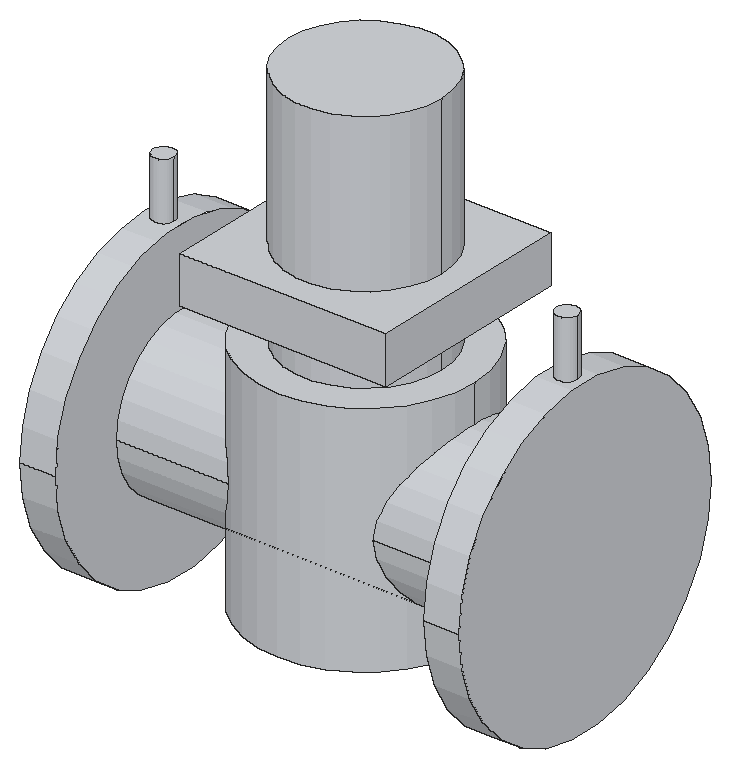
Revit family "PV_Compact_PN16_DN050_(50-200kPa)_RFA_2019", category Pipe Accessories, Revit 2019
Family settings
  Round Connector Dimension = Use Diameter
  Part Type = Valve - Breaks Into
  Work Plane-Based = No
  Always vertical = Yes
  Cut with Voids When Loaded = No
  Shared = No
Parameters (values of type "PV Compact PN16 DN050 (50-200kPa)")
  magiProductId = "81e9f5a937864fb894d80a4a75c60c"
  magiProductFamilyId = "c8b2eac19a98445b953ec5ab518664"
  magiPartTypeId = 304
  isMeasuringValve [instance] = no
  ang2D [instance] = 0.00°
  W2D = 50 mm
  VersionID = "2.0/2018.12.13.2/FRESE_PV_COMPACT_BIG_Q13_001"
  Use Minimum Symbol Size [instance] = no
  URL = "www.hydronic.cz"
  Type Comments = "PŘÍRUBOVÝ; PN16; dpmax=1000kPa; -10~+120°C"
  R4 = 40.25 mm
  R3 = 42.9 mm
  R1 = 57.5 mm
  QmdConnectorList = "301;D;302;D"
  Productdata [instance] = ""
  Manufacturer = "Hydronic Systems Prague s.r.o."
  Maintenance Zone Under Depth [instance] = 100 mm
  Maintenance Zone Right Depth [instance] = 100 mm
  Maintenance Zone Over Depth [instance] = 100 mm
  Maintenance Zone Left Depth [instance] = 100 mm
  Maintenance Zone Front Depth [instance] = 100 mm
  Maintenance Zone Back Depth [instance] = 100 mm
  Maintenance Zone Front Visibility [instance] = no
  MC Use Limits From Balancing Method = no
  MC Throttling Minimum Value = 0
  MC Throttling Maximum Value = 0
  MC Product Code = "53-3301 DN050 PN16; nastavitelný rozsah dp=50~200kPa; Q=5,1~20,5 m3/h;  kvs=29"
  MC Pressure Drop Minimum Value = 0.0 Pa
  MC Pressure Drop Maximum Value = 0.0 Pa
  MC Piping Given Pressure Drop [instance] = 0.0 Pa
  LF__ve = -LF  # -18.4 mm
  LF2 = 9.2 mm
  LF = 18.4 mm
  L4 = 108.1 mm
  L3 = 193.2 mm
  L2D_Min = 30.48 mm
  L2D = 230 mm
  L2 = 115 mm
  H6 = 82.25 mm
  H4 = 24.75 mm
  H3 = 20.625 mm
  H2 = 61.875 mm
  H1 = 123.75 mm
  Description = "Nastavitelný regulátor tlakové diference"
  DF2 = 82.5 mm
  D = 50 mm
  Clearance Zone Height Depth [instance] = 100 mm
  Clearance Zone Circular Radius [instance] = 115 mm
  Clearance Zone Visibility [instance] = no
  CAT0 = yes
Types (4, lengths in mm): name | magiProductId | R4 | R3 | R1 | MC Product Code | LF__ve | LF2 | LF | L4 | L3 | L2 | H6 | H4 | H3 | H2 | H1 | DF2 | D | Clearance Zone Circular Radius
  PV Compact PN16 DN050 (50-200kPa) | "81e9f5a937864fb894d80a4a75c60c" | 40.25 | 42.9 | 57.5 | "53-3301 DN050 PN16; nastavitelný rozsah dp=50~200kPa; Q=5,1~20,5 m3/h;  kvs=29" | -18.4 | 9.2 | 18.4 | 108.1 | 193.2 | 115 | 82.25 | 24.75 | 20.625 | 61.875 | 123.75 | 82.5 | 50 | 115
  PV Compact PN16 DN065 (50-200kPa) | "62e5150a15b74f6ebf91ec17767c09" | 50.75 | 48.1 | 72.5 | "53-3304 DN065 PN16; nastavitelný rozsah dp=50~200kPa; Q=7,4~29,7 m3/h;  kvs=42" | -23.2 | 11.6 | 23.2 | 136.3 | 243.6 | 145 | 105.25 | 27.75 | 23.125 | 69.375 | 138.75 | 92.5 | 65 | 145
  PV Compact PN16 DN080 (50-200kPa) | "56ecf79d7ca14ffb95f20ac45086c0" | 54.25 | 52 | 77.5 | "53-3307 DN080 PN16; nastavitelný rozsah dp=50~200kPa; Q=20,5~82,1 m3/h;  kvs=67" | -24.8 | 12.4 | 24.8 | 145.7 | 260.4 | 155 | 141 | 30 | 25 | 75 | 150 | 100 | 80 | 155
  PV Compact PN16 DN100 (50-200kPa) | "238894349c704e30980898d6a42884" | 61.25 | 61.1 | 87.5 | "53-3310 DN100 PN16; nastavitelný rozsah dp=50~200kPa; Q=20,3~81,3 m3/h;  kvs=115" | -28 | 14 | 28 | 164.5 | 294 | 175 | 234.75 | 35.25 | 29.375 | 88.125 | 176.25 | 117.5 | 100 | 175
Reference planes
  plane 1 "Center (Front/Back)": y = 0
  plane 2 "XYPLANE": z = 0
  plane 3 "Center (Left/Right)": x = 0
  plane 4 "257": y = -82.5
  plane 5 "256": y = 82.5
  plane 6 "255": z = -82.5
  plane 7 "254": y = -182.5
  plane 8 "253": y = 182.5
  plane 9 "252": x = -215
  plane 10 "251": x = 215
  plane 11 "250": z = 289.5
  plane 12 "249": z = -182.5
  plane 13 "248": z = 289.5
  plane 14 "247": z = 189.5
  plane 15 "157": x = 105.8
  plane 16 "156": x = -105.8
  plane 17 "155": z = 82.5
  plane 18 "154": z = 107.25
  plane 19 "153": z = 82.5
  plane 20 "152": z = 61.875
  plane 21 "151": x = -96.6
  plane 22 "150": z = -61.875
  plane 23 "149": x = 0
  plane 24 "148": y = 0
  plane 25 "147": z = 0
  plane 26 "146": x = -115
  plane 27 "145": x = 115
Forms (mm)
  Blend 1, solid, visible <- "Maintenance Zone Front Visibility"
    base sketch origin (-750, 0, -182.5) x (1, 0, 0) y (0, 1, 0)
      loop
        line (535, 182.5) -> (535, -182.5) -> (965, -182.5) -> (965, 182.5) -> (535, 182.5)
    top sketch origin (-750, 0, -182.5) x (1, 0, 0) y (0, 1, 0)
      loop
        line (535, 182.5) -> (535, -182.5) -> (965, -182.5) -> (965, 182.5) -> (535, 182.5)
    from 0 to 472
  Blend 2, solid, visible <- "Clearance Zone Visibility"
    base sketch origin (-750, 0, 0) x (1, 0, 0) y (0, 1, 0)
      loop
        circle (750, 0) r 115
    top sketch origin (-750, 0, 0) x (1, 0, 0) y (0, 1, 0)
      loop
        circle (750, 0) r 115
    from 0 to 289.5
  Extrusion 3, solid, visible <- "CAT0"
    sketch origin (-750, 0, 82.5) x (1, 0, 0) y (0, 1, 0)
      loop
        circle (855.8, 0) r 5.5
    from 0 to 30
  Extrusion 4, solid, visible <- "CAT0"
    sketch origin (-750, 0, 82.5) x (1, 0, 0) y (0, 1, 0)
      loop
        circle (644.2, 0) r 5.5
    from 0 to 30
  Extrusion 5, solid
    sketch origin (-750, 0, 107.25) x (1, 0, 0) y (0, 1, 0)
      loop
        circle (750, 0) r 40.25
    from 0 to 82.25 <- "H6"
  Extrusion 6, solid, visible <- "CAT0"
    sketch origin (-750, 0, 82.5) x (1, 0, 0) y (0, 1, 0)
      loop
        line (804.05, 54.05) -> (695.95, 54.05) -> (695.95, -54.05) -> (804.05, -54.05) -> (804.05, 54.05)
    from 0 to 24.75 <- "H4"
  Extrusion 7, solid, visible <- "CAT0"
    sketch origin (-750, 0, 61.875) x (1, 0, 0) y (0, 1, 0)
      loop
        circle (750, 0) r 40.25
    from 0 to 20.625 <- "H3"
  Extrusion 8, solid, visible <- "CAT0"
    sketch origin (-96.6, -750, 0) x (0, 1, 0) y (0, 0, 1)
      loop
        circle (750, 0) r 42.9
    from 0 to 193.2 <- "L3"
  Extrusion 9, solid, visible <- "CAT0"
    sketch origin (-750, 0, -61.875) x (1, 0, 0) y (0, 1, 0)
      loop
        circle (750, 0) r 57.5
    from 0 to 123.75 <- "H1"
  Extrusion 10, solid, visible <- "CAT0"
    sketch origin (-115, -750, 0) x (0, 1, 0) y (0, 0, 1)
      loop
        circle (750, 0) r 82.5
    from 0 to 18.4 <- "LF"
  Extrusion 11, solid, visible <- "CAT0"
    sketch origin (115, -750, 0) x (0, 1, 0) y (0, 0, 1)
      loop
        circle (750, 0) r 82.5
    from 0 to -18.4 <- "LF__ve"
  Extrusion 12, solid, not visible
    sketch origin (-115, -750, 0) x (0, 1, 0) y (0, 0, 1)
      loop
        circle (750, 0) r 10
    from 0 to 10
  Extrusion 13, solid, not visible
    sketch origin (115, -750, 0) x (0, 1, 0) y (0, 0, 1)
      loop
        circle (750, 0) r 10
    from 0 to -10
Lines and regions (mm)
  reference lines, not visible
    curve 1: circle (2, 2, 0) r 1 normal (0, 0, 1)
  reference lines
    curve 2: circle (0, 0, 82.5) r 1 normal (0, 0, 1)
Dimensions and locks
  plane 1 "Center (Front/Back)" to curve 1 = 2 mm
  "DF2": plane 24 "148" to plane 4 "257"
  "DF2": plane 24 "148" to plane 5 "256"
  "DF2": plane 25 "147" to plane 6 "255"
  "Maintenance Zone Front Depth": plane 4 "257" to plane 7 "254"
  "Maintenance Zone Back Depth": plane 5 "256" to plane 8 "253"
  "Maintenance Zone Left Depth": plane 26 "146" to plane 9 "252"
  "Maintenance Zone Right Depth": plane 27 "145" to plane 10 "251"
  "Maintenance Zone Over Depth": plane 14 "247" to plane 11 "250"
  "Maintenance Zone Under Depth": plane 6 "255" to plane 12 "249"
  "Clearance Zone Height Depth": plane 14 "247" to plane 13 "248"
  "H6": plane 18 "154" to plane 14 "247"
  "LF2": plane 27 "145" to plane 15 "157"
  "LF2": plane 26 "146" to plane 16 "156"
  "DF2": plane 2 "XYPLANE" to plane 17 "155"
  "H4": plane 19 "153" to plane 18 "154"
  "H3": plane 20 "152" to plane 19 "153"
  "H1": plane 22 "150" to plane 20 "152"
  "LF": plane 26 "146" to plane 21 "151"
  "H2": plane 2 "XYPLANE" to plane 22 "150"
  locked: plane 3 "Center (Left/Right)" to plane 23 "149"
  locked: plane 1 "Center (Front/Back)" to plane 24 "148"
  locked: plane 2 "XYPLANE" to plane 25 "147"
  "L2": plane 3 "Center (Left/Right)" to plane 26 "146"
  "L2": plane 3 "Center (Left/Right)" to plane 27 "145"
  Blend 1 sketch curve to Blend 1 sketch curve = 0 mm  (x16)
  equal spacing: Extrusion 6 sketch curve, curve 2, Extrusion 6 sketch curve  (x2)
  "L4": Extrusion 6 sketch curve to Extrusion 6 sketch curve  (x2)
  Extrusion 6 sketch curve to Extrusion 6 sketch curve = 0 mm  (x8)
  "Clearance Zone Circular Radius": radius of Blend 2 sketch curve  (x2)
  "R4": radius of Extrusion 5 sketch curve
  "R4": radius of Extrusion 7 sketch curve
  "R3": radius of Extrusion 8 sketch curve
  "R1": radius of Extrusion 9 sketch curve
  "DF2": radius of Extrusion 10 sketch curve
  "DF2": radius of Extrusion 11 sketch curve
  aligned and locked: level to plane 2 "XYPLANE"
  aligned and locked: Blend 1 sketch curve to plane 8 "253"  (x2)
  aligned and locked: plane 9 "252" to Blend 1 sketch curve  (x4)
  aligned and locked: plane 10 "251" to Blend 1 sketch curve  (x4)
  aligned and locked: plane 8 "253" to Blend 1 sketch curve  (x2)
  aligned and locked: plane 7 "254" to Blend 1 sketch curve  (x4)
  aligned and locked: plane 11 "250" to Blend 1
  aligned and locked: plane 23 "149" to Blend 2 sketch curve  (x2)
  aligned and locked: plane 24 "148" to Blend 2 sketch curve  (x2)
  aligned and locked: plane 13 "248" to Blend 2
  aligned and locked: plane 15 "157" to Extrusion 3 sketch curve
  aligned and locked: plane 24 "148" to Extrusion 3 sketch curve
  aligned and locked: plane 16 "156" to Extrusion 4 sketch curve
  aligned and locked: plane 24 "148" to Extrusion 4 sketch curve
  aligned and locked: plane 23 "149" to Extrusion 5 sketch curve
  aligned and locked: plane 24 "148" to Extrusion 5 sketch curve
  aligned and locked: plane 23 "149" to curve 2
  aligned and locked: plane 24 "148" to curve 2
  aligned and locked: plane 23 "149" to Extrusion 7 sketch curve
  aligned and locked: plane 24 "148" to Extrusion 7 sketch curve
  aligned and locked: Extrusion 8 sketch curve to plane 24 "148"
  aligned and locked: plane 25 "147" to Extrusion 8 sketch curve
  aligned and locked: plane 23 "149" to Extrusion 9 sketch curve
  aligned and locked: plane 24 "148" to Extrusion 9 sketch curve
  aligned and locked: Extrusion 10 sketch curve to plane 24 "148"
  aligned and locked: plane 25 "147" to Extrusion 10 sketch curve
  aligned and locked: Extrusion 11 sketch curve to plane 24 "148"
  aligned and locked: plane 25 "147" to Extrusion 11 sketch curve
  aligned and locked: Extrusion 12 sketch curve to plane 24 "148"
  aligned and locked: plane 25 "147" to Extrusion 12 sketch curve
  aligned and locked: Extrusion 13 sketch curve to plane 24 "148"
  aligned and locked: plane 25 "147" to Extrusion 13 sketch curve
Automatic sketch dimensions
  Extrusion 3 sketch curve to plane 15 "157" = 5.5 mm
  plane 26 "146" to Extrusion 4 sketch curve = 3.7 mm
  plane 1 "Center (Front/Back)" to Extrusion 12 sketch curve = 10 mm
  plane 1 "Center (Front/Back)" to Extrusion 13 sketch curve = 10 mm
  plane 3 "Center (Left/Right)" to curve 1 = 2 mm
  plane 21 "151" to Extrusion 6 sketch curve = 42.55 mm
  plane 4 "257" to Extrusion 6 sketch curve = 28.45 mm
  radius of curve 2 = 1 mm
  radius of curve 1 = 1 mm
Connectors
  piping at (-115, 0, 0), diameter 50, driven by "D"
    settings: on Extrusion 12, index 1, connector inside diameter 609.6 mm, connector length 0 mm, flow factor 0, pipe flow 0.0 L/s, pressure drop 0.0 Pa, fitting loss kfactor 0, connector angle 0.00°, fixture units 0, engagement length 0 mm, angle of deflection 0.00°, flow configuration 0, flow direction 0, fitting loss method 0, system type 29, joint type 0, gender type 0, connector reference index 2, connector utility 0, adjustable connector no, is connector primary yes, connector description ""
  piping at (115, 0, 0), diameter 50, driven by "D"
    settings: on Extrusion 13, index 2, connector inside diameter 609.6 mm, connector length 0 mm, flow factor 0, pipe flow 0.0 L/s, pressure drop 0.0 Pa, fitting loss kfactor 0, connector angle 0.00°, fixture units 0, engagement length 0 mm, angle of deflection 0.00°, flow configuration 0, flow direction 0, fitting loss method 0, system type 29, joint type 0, gender type 0, connector reference index 1, connector utility 0, adjustable connector no, is connector primary no, connector description ""
